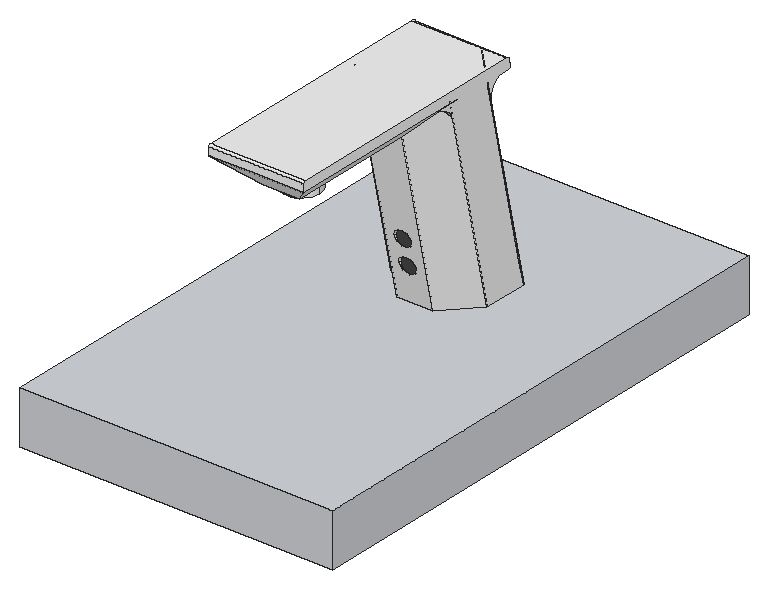
Revit family
Parameters (values of type "Chrome-Polished_Chrome-CP")
  Width = 0' - 2 7/16"
  WFU = 0
  URL = "http://www.us.kohler.com"
  Sensor Material = Sensor Glass
  Product Page URL = "http://www.us.kohler.com/onlinecatalog/detail.jsp?prod_num=7516"
  Product Documentation Link = "http://www.us.kohler.com/onlinecatalog/pdf/1126264_4.pdf"
  Model = "K-7516"  # constant formula
  Manufacturer = "Kohler"  # constant formula
  Length = 0' - 7 3/4"
  Installation = "Single-hole"  # constant formula
  Hot Water Radius = 3/16"
  Hot Water Diameter = Hot Water Radius * 2  # 3/8"
  Hot Water Connector = "Hot Water Connector"  # constant formula
  Height = 0' - 5 7/16"
  HWFU = 0
  HW Connection = yes
  Finish = Chrome-Kohler-CP-Polished Chrome
  Description = "GEOMETRIC TOUCHLESS™ DM FAUCET"  # constant formula
  Default Elevation = 0' - 0"
  Created By = "http://medialab3dstudio.com/"
  Cold Water Radius = 3/16"
  Cold Water Diameter = Cold Water Radius * 2  # 3/8"
  Cold Water Connector = "Cold Water Connector"  # constant formula
  CWFU = 0
  CW Connection = yes
  Assembly Code = "D2010"
Types (3): name | Finish
  (no name) | Chrome-Kohler-CP-Polished Chrome
  Chrome-Polished_Chrome-CP | Chrome-Kohler-CP-Polished Chrome
  Steel-Vibrant_Stainless-VS | Steel-Kohler-VS-Vibrant Stainless
Reference planes (in)
  plane 1 "Back": y = 0
  plane 2 "Bottom": z = 0
  plane 3 "Center (Left/Right)": x = 0
  plane 4 "Left": x = -1.21875
  plane 5 "Right": x = 1.21875
  plane 6 "Front": y = -7.75
  plane 7: z = 5.4375
  plane 8: y = -6.31997
  plane 9: x = 0
  plane 10: z = 4.43543
  plane 11: z = 5.18966
  plane 12: z = 4.43543
  plane 13: y = -2.86736
  plane 14: z = 5.18966
  plane 15: z = 4.63505
  plane 16: z = 5.15297
  plane 17: through (0, -1.20984, 5.39736) normal (0, -0.9757, -0.2193)
  plane 18: through (0, -1.94709, 5.39736) normal (0, -0.9757, -0.2193)
  plane 19: through (0, -3.1313, 5.39736) normal (0, -0.9757, -0.2193)
  plane 20: y = 0.14795
  plane 21: y = -2.69186
  plane 22: z = -0.75
  plane 23: through (0, -1.23293, 2.22557) normal (0, 0.9758, 0.2187)
  plane 24: y = -0.54791
  plane 25: y = -1.23293
  plane 26: through (0, -1.23293, 2.22557) normal (0, -0.9758, -0.2187)
  plane 27: y = -0.54791
  plane 28: y = -1.23293
  plane 29: y = -1.28314
  plane 30: y = -2.01863
  plane 31: y = -1.9184
  plane 32 "Center (Front/Back)": y = -3.85872
  plane 33: y = -3.62007
  plane 34: y = -2.95134
  plane 35: y = -1.77288
  plane 36: y = -1.33828
  plane 37: through (-1.22, -0.7342, 48) normal (-0.7239, 0.6899, 0)
  plane 38: through (1.22, -0.7342, 48) normal (-0.7239, -0.6899, 0)
  plane 39: through (-0.46452, -180, 4.43543) normal (-0.7071, 0, -0.7071)
  plane 40: through (0.46452, -180, 4.43543) normal (-0.7071, 0, 0.7071)
  plane 41: y = -1.3263
  plane 42: x = -0.13974
  plane 43: x = 0.13974
  plane 44: z = 4.43543
  plane 45: x = -0.46452
  plane 46: z = 5.18966
  plane 47: z = 2.0644
  plane 48: z = 4.27922
  plane 49: y = -5.8542
  plane 50: y = -6.78573
  plane 51: y = -0.57692
  plane 52: y = -0.57692
  plane 53: z = -0.78778
  plane 54: y = 0.22617
  plane 55: x = 0.32724
  plane 56: x = -0.32724
  plane 57: z = 0.23047
  plane 58: z = 5.21593
  plane 59: y = -1.16906
  plane 60: x = 0.46576
  plane 61: x = -0.46576
  plane 62: y = -6.94185
  plane 63: y = -6.32467
  plane 64: x = 1.71875
Forms (in)
  Extrusion 1, solid
    sketch origin (0, 0, 0) x (1, 0, 0) y (0, 1, 0)
      loop
        line (-4, 3) -> (-4, -10.31976) -> (3.99389, -10.31976) -> (3.99389, 3) -> (-4, 3)
    from 0 to -1.35077
  Extrusion 2, solid, material "Chrome-Kohler-CP-Polished Chrome" <- "Finish", detail levels fine
    sketch origin (0, 0, 0) x (0, 1, 0) y (0, 0, 1)
      loop
        line (-0.7342, 0) -> (-1.77288, 4.63505)
        arc (-1.77288, 4.63505) -> (-1.68365, 5.00148) -> (-1.33828, 5.15297) r 0.42536
        line (-1.33828, 5.15297) -> (-1.22005, 5.15297)
        arc (-1.22005, 5.15297) -> (-1.17954, 5.17229) -> (-1.16906, 5.21593) r 0.05212
        line (-1.16906, 5.21593) -> (-1.20984, 5.39736)
        arc (-1.20984, 5.39736) -> (-1.22785, 5.42621) -> (-1.25993, 5.4375) r 0.05141
        line (-1.25993, 5.4375) -> (-7.69863, 5.4375)
        arc (-7.69863, 5.4375) -> (-7.73495, 5.42245) -> (-7.75, 5.38613) r 0.05137
        line (-7.75, 5.38613) -> (-7.75, 5.18966) -> (-3.62007, 5.18966)
        arc (-3.62007, 5.18966) -> (-3.18567, 5.03297) -> (-2.95134, 4.63505) r 0.68046
        line (-2.95134, 4.63505) -> (-1.9184, 0) -> (-0.7342, 0)
    from -1.21875 to 1.21875
  Extrusion 3, solid, material "Chrome-Kohler-CP-Polished Chrome" <- "Finish", detail levels fine
    sketch origin (0, 0, 0.25897) x (1, 0, 0) y (0, 0, 1)
      loop
        line (-1.21875, 4.93069) -> (-0.46452, 4.17646) -> (0, 4.17646) -> (0.46452, 4.17646) -> (1.21875, 4.93069) -> (0, 4.93069) -> (-1.21875, 4.93069)
    from 2.86736 to 7.75
  Extrusion 4, void
    sketch origin (0, 0.74619, 0) x (0, 1, 0) y (0, 0, 1)
      loop
        line (-8.49619, 5.18966) -> (-8.49619, 4.43543) -> (-7.68804, 4.43543) -> (-8.49619, 5.18966)
    from -1.21875 to 1.21875
  Extrusion 5, solid, material "Chrome-Kohler-CP-Polished Chrome" <- "Finish", detail levels fine
    sketch origin (0, -6.09131, -3.8885) x (1, 0, 0) y (0, 0.975149, 0.221549)
      loop
        line (-1.21875, 4.93069) -> (-0.46576, 4.17646) -> (0.46576, 4.17646) -> (1.21875, 4.93069) -> (-1.21875, 4.93069)
    from 2.86736 to 8.30557
  Sweep 6, solid, material "Chrome-Kohler-CP-Polished Chrome" <- "Finish", detail levels fine
    path origin (0, 0, 0) x (0, 1, 0) y (0, 0, 1)
      loop
        line (-0.57692, -0.70182) -> (-1.89716, 5.18966)
    profile origin (0, -1.23704, 2.24392) x (0, -0.975799, -0.218669) y (1, 0, 0)
      loop
        line (0, -1.22) -> (0, 0) -> (-0.70201, 0) -> (-0.70201, -0.53442) -> (0, -1.22)
  Extrusion 7, void
    sketch origin (0, 0, 0) x (0, 1, 0) y (0, 0, 1)
      loop
        line (0.14795, 0) -> (-2.69186, 0) -> (-2.69186, -0.75) -> (0.14795, -0.75) -> (0.14795, 0)
    from -1.21875 to 1.21875
  Extrusion 8, solid, material "Chrome-Kohler-CP-Polished Chrome" <- "Finish", detail levels fine
    sketch origin (0, 0.44273, 0) x (1, 0, 0) y (0, 1, 0)
      loop
        arc (0, -6.29694) -> (-0.32935, -6.43336) -> (-0.46576, -6.7627) r 0.46576
        arc (-0.46576, -6.7627) -> (-0.32935, -7.09205) -> (0, -7.22847) r 0.46576
        arc (0, -7.22847) -> (0.32935, -7.09205) -> (0.46576, -6.7627) r 0.46576
        arc (0.46576, -6.7627) -> (0.32935, -6.43336) -> (0, -6.29694) r 0.46576
    from 4.27922 to 4.43543
  Extrusion 9, void
    sketch origin (0, 0.61402, 0) x (1, 0, 0) y (0, 1, 0)
      loop
        arc (0, -6.57489) -> (-0.25725, -6.68144) -> (-0.3638, -6.93869) r 0.3638
        arc (-0.3638, -6.93869) -> (-0.25725, -7.19594) -> (0, -7.30249) r 0.3638
        arc (0, -7.30249) -> (0.25725, -7.19594) -> (0.3638, -6.93869) r 0.3638
        arc (0.3638, -6.93869) -> (0.25725, -6.68144) -> (0, -6.57489) r 0.3638
    from 4.27922 to 4.43543
  Sweep 10, solid, material "Chrome-Kohler-CP-Polished Chrome" <- "Finish", detail levels fine
    path origin (0, 0, 0) x (0, 1, 0) y (0, 0, -1)
      loop
        line (-0.57692, 0.70182) -> (-1.89716, -5.18966)
    profile origin (0, -1.23704, 2.24392) x (0, 0.975799, 0.218669) y (-1, 0, 0)
      loop
        line (0, -1.22) -> (0.70201, -0.53442) -> (0.70201, 0) -> (0, 0) -> (0, -1.22)
  Extrusion 11, void
    sketch origin (0, 0, 0) x (0, 1, 0) y (0, 0, 1)
      loop
        line (0.22617, 0) -> (-1.9184, 0) -> (-1.9184, -0.78778) -> (0.22617, -0.78778) -> (0.22617, 0)
    from -1.21875 to 1.21875
  Extrusion 12, void
    sketch origin (0, 0, 0) x (1, 0, 0) y (0, 1, 0)
      loop
        arc (0.13974, -1.3263) -> (0.19466, -1.45888) -> (0.32724, -1.5138) r 0.1875
        arc (0.32724, -1.5138) -> (0.45982, -1.45888) -> (0.51474, -1.3263) r 0.1875
        arc (0.51474, -1.3263) -> (0.45982, -1.19372) -> (0.32724, -1.1388) r 0.1875
        arc (0.32724, -1.1388) -> (0.19466, -1.19372) -> (0.13974, -1.3263) r 0.1875
      loop
        arc (-0.51474, -1.3263) -> (-0.45982, -1.45888) -> (-0.32724, -1.5138) r 0.1875
        arc (-0.32724, -1.5138) -> (-0.19466, -1.45888) -> (-0.13974, -1.3263) r 0.1875
        arc (-0.13974, -1.3263) -> (-0.19466, -1.19372) -> (-0.32724, -1.1388) r 0.1875
        arc (-0.32724, -1.1388) -> (-0.45982, -1.19372) -> (-0.51474, -1.3263) r 0.1875
    from 0 to 0.23047
  Extrusion 13, void
    sketch origin (2.35546, 0, -0.08746) x (1, 0, 0) y (0, 0, 1)
      loop
        circle (-2.35546, 1.05621) r 0.21875
    from 2.6121 to 3.18249
  Extrusion 14, void
    sketch origin (2.35546, 0, 0.60004) x (1, 0, 0) y (0, 0, 1)
      loop
        circle (-2.35546, 1.05621) r 0.21875
    from 2.76792 to 3.27513
  Extrusion 15, solid, material "Sensor Glass" <- "Sensor Material", detail levels fine
    sketch origin (2.35546, 0, -0.52093) x (1, 0, 0) y (0, 0, 1)
      loop
        circle (-2.35546, 1.48968) r 0.21875
    from 2.6121 to 2.86197
  Extrusion 16, solid, material "Sensor Glass" <- "Sensor Material", detail levels fine
    sketch origin (2.35546, 0, 0.16657) x (1, 0, 0) y (0, 0, 1)
      loop
        circle (-2.35546, 1.48968) r 0.21875
    from 2.76792 to 3.0178
  Extrusion 17, solid, material "Chrome-Kohler-CP-Polished Chrome" <- "Finish", detail levels coarse+medium
    sketch origin (0, 0, 0) x (1, 0, 0) y (0, 1, 0)
      loop
        line (-1.21875, 0) -> (-1.21875, -7.75) -> (1.21875, -7.75) -> (1.21875, 0) -> (-1.21875, 0)
    from 0 to 5.4375
Cuts and joins
  Extrusion 4 cuts Extrusion 3
  Extrusion 9 cuts Extrusion 8
  Extrusion 7, Extrusion 12 cuts Extrusion 2
  Extrusion 11 cuts Sweep 6
  Extrusion 11 cuts Sweep 10
  joined: Sweep 6, Sweep 10
  Extrusion 7, Extrusion 13, Extrusion 14 cuts Extrusion 5
Lines and regions (in)
  Masking region 1, detail levels coarse
    outline origin (0, 0, 0) x (1, 0, 0) y (0, 0, 1)
      loop
        line (-1.21875, 5.4375) -> (-1.21875, 0) -> (1.21875, 0) -> (1.21875, 5.4375) -> (-1.21875, 5.4375)
  Masking region 2, detail levels medium+fine
    outline origin (0, -3.85872, 0) x (1, 0, 0) y (0, 0, 1)
      loop
        line (-1.21875, 5.4375) -> (-1.21875, 0) -> (1.21875, 0) -> (1.21875, 5.4375) -> (-1.21875, 5.4375)
  Masking region 3, detail levels coarse
    outline origin (0, 0, 0) x (1, 0, 0) y (0, 1, 0)
      loop
        line (-1.21875, 0) -> (-1.21875, -7.75) -> (1.21875, -7.75) -> (1.21875, 0) -> (-1.21875, 0)
  Masking region 4, detail levels medium+fine
    outline origin (0, 0, 0) x (1, 0, 0) y (0, 1, 0)
      loop
        line (-0.52034, 0) -> (-1.21875, -0.73289) -> (-1.21875, -7.75) -> (1.21875, -7.75) -> (1.21875, -0.73289) -> (0.52034, 0) -> (-0.52034, 0)
  Masking region 5, detail levels coarse
    outline origin (0, 0, 0) x (0, 1, 0) y (0, 0, 1)
      loop
        line (0, 5.4375) -> (-7.75, 5.4375) -> (-7.75, 0) -> (0, 0) -> (0, 5.4375)
  Masking region 6, detail levels medium+fine
    outline origin (0, 0, 0) x (0, 1, 0) y (0, 0, 1)
      loop
        line (-0.01477, 0) -> (-1.17523, 5.17848)
        arc (-1.17523, 5.17848) -> (-1.16862, 5.19662) -> (-1.16906, 5.21593) r 0.05212
        line (-1.16906, 5.21593) -> (-1.20984, 5.39736)
        arc (-1.20984, 5.39736) -> (-1.22785, 5.42621) -> (-1.25993, 5.4375) r 0.05141
        line (-1.25993, 5.4375) -> (-7.69863, 5.4375)
        arc (-7.69863, 5.4375) -> (-7.73495, 5.42245) -> (-7.75, 5.38613) r 0.05137
        line (-7.75, 5.38613) -> (-7.75, 5.1882) -> (-6.94185, 4.43543) -> (-6.78573, 4.43543) -> (-6.78573, 4.27922) -> (-5.85501, 4.27922) -> (-5.85501, 4.43543) -> (-3.69956, 4.43543) -> (-2.69186, 0) -> (-0.01477, 0)
  symbolic lines, style "Masking Lines", detail levels medium+fine
    curve 1: line (-1.21875, -7.75, 5.18966) -> (-0.46452, -7.75, 4.43543)
    curve 2: line (-0.46452, -7.75, 4.43543) -> (0.46701, -7.75, 4.43543)
    curve 3: line (0.46701, -7.75, 4.43543) -> (1.22, -7.75, 5.18966)
    curve 4: line (1.22, -7.75, 5.18966) -> (-1.21875, -7.75, 5.18966)
    curve 18: line (1.21875, 0, 5.18966) -> (-1.21875, 0, 5.18966)
  symbolic lines, style "Masking Lines", detail levels fine
    curve 5: line (-0.36255, -7.75, 4.43543) -> (-0.36255, -7.75, 4.27922)
    curve 6: line (-0.36255, -7.75, 4.27922) -> (0.36505, -7.75, 4.27922)
    curve 7: line (0.36505, -7.75, 4.27922) -> (0.36505, -7.75, 4.43543)
    curve 8: line (-0.46452, -7.75, 4.43543) -> (-0.46452, -7.75, 0)
    curve 9: line (0.46701, -7.75, 0) -> (0.46701, -7.75, 4.43543)
    curve 10: arc (0, -1.21847, 5.15297) -> (0, -1.19269, 5.1598) -> (0, -1.17366, 5.17848) r 0.05212
    curve 11: line (0, -1.33671, 5.15297) -> (0, -1.21847, 5.15297)
    curve 12: arc (0, -1.7713, 4.63505) -> (0, -1.68208, 5.00148) -> (0, -1.33671, 5.15297) r 0.42536
    curve 13: line (0, -0.73263, 0) -> (0, -1.7713, 4.63505)
    curve 14: line (0, -2.94137, 4.57192) -> (0, -1.91683, 0)
    curve 15: arc (0, -3.61849, 5.18966) -> (0, -3.16021, 5.01202) -> (0, -2.94137, 4.57192) r 0.67998
    curve 16: line (0, -3.61849, 5.18966) -> (0, -7.75, 5.18966)
    curve 17: line (0, -5.8542, 4.43543) -> (0, -6.78573, 4.43543)
    curve 19: line (0.53442, -1.16906, 0) -> (1.21875, -1.16906, 0)
    curve 20: line (-0.53442, -0.01477, 0) -> (-0.53442, -1.16906, 0)
    curve 21: line (0.53442, -1.16906, 0) -> (0.53442, -0.01477, 0)
    curve 22: line (-0.53442, -1.16906, 0) -> (0.53442, -1.16906, 0)
    curve 23: line (-1.21875, -1.16906, 0) -> (-0.53442, -1.16906, 0)
    curve 24: arc (0.21875, -7.75, 1.65625) -> (0, -7.75, 1.875) -> (-0.21875, -7.75, 1.65625) r 0.21875
    curve 25: arc (-0.21875, -7.75, 1.65625) -> (0, -7.75, 1.4375) -> (0.21875, -7.75, 1.65625) r 0.21875
    curve 26: arc (0.21875, -7.75, 0.96875) -> (0, -7.75, 1.1875) -> (-0.21875, -7.75, 0.96875) r 0.21875
    curve 27: arc (-0.21875, -7.75, 0.96875) -> (0, -7.75, 0.75) -> (0.21875, -7.75, 0.96875) r 0.21875
Dimensions and locks (in)
  equal spacing: plane 4 "Left", plane 3 "Center (Left/Right)", plane 5 "Right"
  "Height": plane 7 to plane 2 "Bottom"
  locked: plane 8 to plane 6 "Front" at 1.43003
  locked: plane 1 "Back" to plane 13 at 2.86736
  locked: plane 18 to plane 17 at 0.71931
  locked: plane 19 to plane 18 at 1.15539
  locked: plane 7 to plane 16 at 0.28453
  locked: plane 16 to plane 14 at 0.03669
  locked: plane 15 to plane 16 at 0.51793
  locked: plane 13 to plane 30 at 0.84873
  locked: plane 29 to plane 1 "Back" at 1.28314
  plane 13 to plane 31 = 0' - 0.94896"
  plane 32 "Center (Front/Back)" to plane 13 = 0' - 0.99136"
  locked: plane 33 to plane 32 "Center (Front/Back)" at 0.23866
  locked: plane 34 to plane 33 at 0.66873
  locked: plane 35 to plane 31 at 0.14553
  locked: plane 36 to plane 35 at 0.43459
  "Length": plane 1 "Back" to plane 6 "Front"
  locked: plane 41 to plane 1 "Back" at 1.3263
  plane 42 to plane 3 "Center (Left/Right)" = 0' - 0.13974"
  plane 3 "Center (Left/Right)" to plane 43 = 0' - 0.13974"
  level to Masking region 2 = 0' - 5 7/16"
  locked: plane 47 to plane 2 "Bottom" at 2.0644
  locked: plane 48 to plane 2 "Bottom" at 4.27922
  plane 50 to plane 6 "Front" = 0' - 0.96427"
  locked: plane 49 to plane 6 "Front" at 1.8958
  locked: plane 1 "Back" to plane 51 at 0.57692
  locked: plane 1 "Back" to plane 52 at 0.57692
  locked: plane 54 to plane 1 "Back" at 0.22617
  locked: plane 2 "Bottom" to plane 53 at 0.78778
  plane 4 "Left" to plane 61 to plane 60 = 0' - 0.75299" locked, 0' - 0.93153" locked
  locked: plane 62 to plane 6 "Front" at 0.80815
  equal spacing: plane 5 "Right", plane 3 "Center (Left/Right)", plane 4 "Left"
  "Width": plane 4 "Left" to plane 5 "Right"
  "Cold Water Radius": radius of Extrusion 12 sketch curve
  "Hot Water Radius": radius of Extrusion 12 sketch curve
  locked: plane 23 to plane 1 "Back" (angle 12.6309°)
  locked: plane 37 to plane 4 "Left" (angle 43.6201°)
  locked: plane 5 "Right" to plane 38 (angle 43.6201°)
  aligned and locked: plane 2 "Bottom" to Extrusion 1
  aligned and locked: level to Extrusion 1
  aligned and locked: Extrusion 2 to plane 4 "Left"
  aligned and locked: Extrusion 2 to plane 5 "Right"
  aligned and locked: Extrusion 7 to plane 4 "Left"
  aligned and locked: Extrusion 7 to plane 5 "Right"
  aligned and locked: Masking region 1 sketch curve to plane 7
  aligned and locked: plane 2 "Bottom" to Masking region 1 sketch curve
  aligned and locked: plane 4 "Left" to Masking region 1 sketch curve
  aligned and locked: plane 1 "Back" to Masking region 3 sketch curve
  aligned and locked: plane 6 "Front" to Masking region 3 sketch curve
  aligned and locked: plane 4 "Left" to Masking region 3 sketch curve
  aligned and locked: Masking region 5 sketch curve to plane 7
  aligned and locked: plane 6 "Front" to Masking region 5 sketch curve
  aligned and locked: plane 2 "Bottom" to Masking region 5 sketch curve
  aligned and locked: plane 1 "Back" to Masking region 5 sketch curve
  aligned and locked: plane 3 "Center (Left/Right)" to plane 9
  aligned and locked: plane 9 to Extrusion 8 sketch curve  (x2)
  aligned and locked: plane 8 to Extrusion 8 sketch curve  (x2)
  aligned and locked: Extrusion 4 sketch curve to plane 10
  aligned and locked: Extrusion 4 to plane 5 "Right"
  aligned and locked: Extrusion 4 to plane 4 "Left"
  aligned and locked: Extrusion 2 sketch curve to plane 7
  aligned and locked: plane 7 to Extrusion 2 sketch curve
  aligned and locked: plane 2 "Bottom" to Extrusion 2 sketch curve
  aligned and locked: Extrusion 2 sketch curve to plane 14
  aligned and locked: plane 14 to Extrusion 2 sketch curve
  aligned and locked: Extrusion 2 sketch curve to plane 16
  aligned and locked: Extrusion 7 sketch curve to level
  aligned and locked: plane 21 to Extrusion 7 sketch curve
  aligned and locked: Extrusion 7 sketch curve to plane 22
  aligned and locked: Extrusion 7 sketch curve to plane 20
  aligned and locked: Sweep 6 sketch curve to plane 23
  aligned: plane 24 to Sweep 6 sketch curve
  aligned: plane 25 to Sweep 6 sketch curve
  aligned: Sweep 6 sketch curve to plane 3 "Center (Left/Right)"
  aligned and locked: Sweep 10 sketch curve to plane 26
  aligned and locked: plane 29 to Extrusion 5 sketch curve  (x3)
  aligned and locked: plane 30 to Extrusion 5 sketch curve  (x3)
  aligned and locked: plane 15 to Extrusion 2 sketch curve  (x2)
  aligned and locked: plane 16 to Extrusion 2 sketch curve
  aligned and locked: plane 17 to Extrusion 2 sketch curve  (x2)
  aligned and locked: plane 6 "Front" to Extrusion 2 sketch curve
  aligned and locked: plane 33 to Extrusion 2 sketch curve
  aligned and locked: plane 34 to Extrusion 2 sketch curve
  aligned and locked: plane 35 to Extrusion 2 sketch curve
  aligned and locked: plane 36 to Extrusion 2 sketch curve
  aligned and locked: plane 5 "Right" to Masking region 2 sketch curve
  aligned and locked: Masking region 2 sketch curve to plane 7
  aligned and locked: Masking region 2 sketch curve to plane 4 "Left"
  aligned and locked: level to Masking region 2 sketch curve
  aligned and locked: plane 5 "Right" to Masking region 1 sketch curve
  aligned and locked: plane 5 "Right" to Masking region 3 sketch curve
  aligned and locked: plane 5 "Right" to Masking region 4 sketch curve
  aligned and locked: plane 6 "Front" to Masking region 4 sketch curve
  aligned and locked: plane 4 "Left" to Masking region 4 sketch curve
  aligned and locked: Masking region 4 sketch curve to plane 1 "Back"
  aligned and locked: plane 37 to Masking region 4 sketch curve
  aligned and locked: plane 38 to Masking region 4 sketch curve
  aligned and locked: plane 11 to Extrusion 3 sketch curve  (x2)
  aligned and locked: Extrusion 3 sketch curve to plane 39
  aligned and locked: plane 40 to Extrusion 3 sketch curve
  aligned and locked: curve 4 to curve 18
  aligned and locked: cut or joined group of Extrusion 3, Extrusion 4 to plane 44
  aligned and locked: plane 45 to curve 8
  aligned and locked: curve 2 to plane 44
  aligned and locked: plane 5 "Right" to curve 18
  aligned and locked: plane 4 "Left" to curve 18
  aligned and locked: curve 16 to plane 46
  aligned and locked: plane 6 "Front" to curve 16
  aligned and locked: cut or joined group of Extrusion 3, Extrusion 4 to plane 13
  aligned and locked: cut or joined group of Extrusion 3, Extrusion 4 to plane 6 "Front"
  aligned and locked: Extrusion 9 to plane 48
  aligned and locked: plane 44 to Extrusion 9
  aligned and locked: curve 17 to plane 44
  aligned and locked: plane 49 to curve 17
  aligned and locked: plane 50 to curve 17
  aligned and locked: plane 46 to Sweep 6 sketch curve
  aligned and locked: plane 51 to Sweep 6 sketch curve
  aligned and locked: plane 46 to Sweep 10 sketch curve
  aligned and locked: plane 52 to Sweep 10 sketch curve
  aligned and locked: plane 31 to Extrusion 11 sketch curve
  aligned and locked: Extrusion 11 sketch curve to plane 53
  aligned and locked: Extrusion 11 sketch curve to plane 54
  aligned and locked: Extrusion 11 to plane 4 "Left"
  aligned and locked: Extrusion 11 to plane 5 "Right"
  aligned and locked: plane 41 to Extrusion 12 sketch curve  (x4)
  aligned and locked: plane 55 to Extrusion 12 sketch curve  (x2)
  aligned and locked: plane 56 to Extrusion 12 sketch curve  (x2)
  aligned and locked: plane 57 to Extrusion 12
  aligned and locked: plane 58 to Extrusion 2 sketch curve
  aligned and locked: plane 59 to Masking region 6
  aligned and locked: plane 3 "Center (Left/Right)" to Sweep 6
  aligned and locked: plane 4 "Left" to Extrusion 5 sketch curve
  aligned and locked: plane 5 "Right" to Extrusion 5 sketch curve
  aligned and locked: plane 61 to Extrusion 5 sketch curve
  aligned and locked: plane 60 to Extrusion 5 sketch curve
  aligned and locked: plane 3 "Center (Left/Right)" to Extrusion 3 sketch curve  (x2)
  aligned and locked: Extrusion 3 sketch curve to plane 12
  aligned and locked: plane 10 to Extrusion 4 sketch curve
  aligned and locked: plane 62 to Extrusion 4 sketch curve
  aligned and locked: plane 6 "Front" to Extrusion 4 sketch curve
  aligned and locked: plane 46 to Extrusion 4 sketch curve
  aligned and locked: plane 3 "Center (Left/Right)" to Extrusion 9 sketch curve  (x2)
  aligned and locked: plane 63 to Extrusion 9 sketch curve  (x2)
  aligned and locked: plane 44 to cut or joined group of Extrusion 8, Extrusion 9
  aligned and locked: cut or joined group of Extrusion 8, Extrusion 9 to plane 48
  aligned and locked: plane 2 "Bottom" to Extrusion 11
Automatic sketch dimensions
  Sweep 6 sketch curve to plane 3 "Center (Left/Right)" = 0' - 0"
  Sweep 6 sketch curve to profile plane = 0' - 0"
  profile plane to Sweep 6 sketch curve = 0' - 0.70201"
  Sweep 6 sketch curve to plane 3 "Center (Left/Right)" = 0' - 0.53442"
  Sweep 6 sketch curve to Sweep 6 sketch curve = 0' - 0.68558"
  Extrusion 5 sketch curve to plane 4 "Left" = 0' - 0"
  Extrusion 5 sketch curve to plane 5 "Right" = 0' - 0"
  Extrusion 5 sketch curve to plane 3 "Center (Left/Right)" = 0' - 0.46576"
  plane 3 "Center (Left/Right)" to Extrusion 5 sketch curve = 0' - 0.46576"
  Extrusion 5 sketch curve to Extrusion 5 sketch curve = 0' - 0.75423"
  curve 23 to plane 4 "Left" = 0' - 0"
  curve 19 to plane 5 "Right" = 0' - 0"
  plane 1 "Back" to curve 20 = 0' - 0.01477"
  plane 45 to curve 20 = 0' - 0.0699"
  plane 1 "Back" to curve 21 = 0' - 0.01477"
  curve 21 to plane 43 = 0' - 0.39468"
  curve 22 to plane 41 = 0' - 0.15724"
  curve 16 to plane 6 "Front" = 0' - 0"
  curve 16 to plane 46 = 0' - 0"
  curve 14 to level = 0' - 0"
  curve 13 to level = 0' - 0"
  curve 16 to plane 32 "Center (Front/Back)" = 0' - 0.24023"
  plane 13 to curve 15 = 0' - 0.074"
  curve 14 to plane 31 = 0' - 0.00157"
  curve 13 to plane 31 = 0' - 0.1471"
  plane 41 to curve 12 = 0' - 0.02994"
  plane 41 to curve 12 = 0' - 0.01041"
  curve 11 to plane 46 = 0' - 0.03669"
  curve 11 to plane 41 = 0' - 0.10783"
  curve 10 to plane 46 = 0' - 0.01118"
  curve 10 to curve 10 = 0' - 0.04482"
  curve 13 to plane 41 = 0' - 0.59368"
  curve 15 to curve 15 = 0' - 0.67998"
  plane 44 to curve 13 = 0' - 0.19962"
  Extrusion 1 sketch curve to Extrusion 1 sketch curve = 0' - 7.99389"
  Extrusion 1 sketch curve to Extrusion 1 sketch curve = 1' - 1.31976"
  plane 19 to Extrusion 2 sketch curve = 0' - 0"
  plane 18 to Extrusion 2 sketch curve = 0' - 0"
  plane 6 "Front" to Extrusion 2 sketch curve = 0' - 0.05137"
  Extrusion 2 sketch curve to plane 36 = 0' - 0 5/256"
  Extrusion 2 sketch curve to plane 7 = 0' - 0.05141"
  Extrusion 2 sketch curve to Extrusion 2 sketch curve = 0' - 0.09093"
  plane 58 to Extrusion 2 sketch curve = 0' - 0.01084"
  Extrusion 2 sketch curve to plane 7 = 0' - 0.04014"
  plane 50 to Extrusion 8 sketch curve = 0' - 0"
  Extrusion 9 sketch curve to plane 45 = 0' - 0.10071"
  Masking region 6 sketch curve to plane 6 "Front" = 0' - 0"
  Masking region 6 sketch curve to plane 7 = 0' - 0"
  Masking region 6 sketch curve to plane 44 = 0' - 0"  (x2)
  Masking region 6 sketch curve to plane 50 = 0' - 0"
  Masking region 6 sketch curve to plane 48 = 0' - 0"
  Masking region 6 sketch curve to level = 0' - 0"
  plane 6 "Front" to Masking region 6 sketch curve = 0' - 0.05137"
  plane 50 to Masking region 6 sketch curve = 0' - 0.15612"
  plane 49 to Masking region 6 sketch curve = 0' - 0.00081"
  Masking region 6 sketch curve to plane 32 "Center (Front/Back)" = 0' - 0.15916"
  Masking region 6 sketch curve to plane 13 = 0' - 0.1755"
  Masking region 6 sketch curve to plane 41 = 0' - 0.06631"
  Masking region 6 sketch curve to Masking region 6 sketch curve = 0' - 0.00007"
  plane 46 to Masking region 6 sketch curve = 0' - 0.01543"
  Masking region 6 sketch curve to plane 41 = 0' - 0.10625"
  Masking region 6 sketch curve to plane 7 = 0' - 0.04014"
  Masking region 6 sketch curve to Masking region 6 sketch curve = 0' - 0.05016"
  Masking region 6 sketch curve to plane 46 = 0' - 0.01118"
  Masking region 6 sketch curve to Masking region 6 sketch curve = 0' - 0.04482"
  plane 46 to Masking region 6 sketch curve = 0' - 0.02627"
  plane 1 "Back" to Masking region 6 sketch curve = 0' - 0.01477"
  Masking region 6 sketch curve to plane 46 = 0' - 0.00146"
  profile plane to Sweep 10 sketch curve = 0' - 0"
  Sweep 10 sketch curve to profile plane = 0' - 0"
  Sweep 10 sketch curve to profile plane = 0' - 0.70201"
  Sweep 10 sketch curve to profile plane = 0' - 0.53442"
  Sweep 10 sketch curve to Sweep 10 sketch curve = 0' - 0.68558"
  curve 3 to plane 46 = 0' - 0"
  curve 2 to plane 44 = 0' - 0"
  curve 9 to level = 0' - 0"
  curve 7 to plane 48 = 0' - 0"
  plane 45 to curve 2 = 0' - 0"
  curve 1 to plane 4 "Left" = 0' - 0"
  curve 8 to level = 0' - 0"
  curve 5 to plane 45 = 0' - 0.10196"
  curve 7 to plane 43 = 0' - 0.22531"
  curve 9 to plane 43 = 0' - 0.32727"
  curve 4 to plane 5 "Right" = 0' - 0.00125"
  Extrusion 11 sketch curve to level = 0' - 0"
  Extrusion 13 sketch curve to plane 3 "Center (Left/Right)" = 0' - 0"
  Extrusion 14 sketch curve to plane 3 "Center (Left/Right)" = 0' - 0"
  Extrusion 15 sketch curve to plane 3 "Center (Left/Right)" = 0' - 0"
  Extrusion 16 sketch curve to plane 3 "Center (Left/Right)" = 0' - 0"
  Extrusion 14 sketch curve to plane 47 = 0' - 0.40815"
  Extrusion 16 sketch curve to plane 47 = 0' - 0.40815"
  plane 57 to Extrusion 13 sketch curve = 0' - 0 189/256"
  plane 57 to Extrusion 15 sketch curve = 0' - 0 189/256"
  curve 24 to plane 3 "Center (Left/Right)" = 0' - 0"
  curve 25 to plane 43 = 0' - 0.07901"
  curve 24 to plane 47 = 0' - 0.40815"
  curve 27 to plane 3 "Center (Left/Right)" = 0' - 0"
  curve 27 to plane 43 = 0' - 0.07901"
  curve 26 to curve 25 = 0' - 0 11/16"
  Extrusion 17 sketch curve to plane 4 "Left" = 0' - 0"
  Extrusion 17 sketch curve to plane 6 "Front" = 0' - 0"
  plane 64 to Extrusion 17 sketch curve = 0' - 0 1/2"
  plane 1 "Back" to Extrusion 17 sketch curve = 0' - 0"
  radius of Extrusion 13 sketch curve = 0' - 0 7/32"
  radius of Extrusion 14 sketch curve = 0' - 0 7/32"
  radius of Extrusion 15 sketch curve = 0' - 0 7/32"
  radius of Extrusion 16 sketch curve = 0' - 0 7/32"
Connectors (in)
  piping at (0.32724, -1.3263, 0), driven by "CW Connection", driven by "Cold Water Connector", driven by "CWFU", driven by "Cold Water Radius"
    settings: on cut or joined group of Extrusion 2, Extrusion 7, Extrusion 12, index 1, connector radius 3/16", flow factor 0, pipe flow 0.0 GPM, pressure drop 0.00 psi, fitting loss kfactor 0, connector angle 0.00°, fixture units 0, flow configuration 3, flow direction 1, fitting loss method 0, system type 20, connector reference index -1, connector utility 1, adjustable connector no, is connector primary yes, fitting loss table "", connector description "Cold Water Connector"
  piping at (-0.32724, -1.3263, 0), driven by "HW Connection", driven by "Hot Water Connector", driven by "HWFU", driven by "Hot Water Radius"
    settings: on cut or joined group of Extrusion 2, Extrusion 7, Extrusion 12, index 2, connector radius 3/16", flow factor 0, pipe flow 0.0 GPM, pressure drop 0.00 psi, fitting loss kfactor 0, connector angle 0.00°, fixture units 0, flow configuration 3, flow direction 1, fitting loss method 0, system type 19, connector reference index -1, connector utility 1, adjustable connector no, is connector primary no, fitting loss table "", connector description "Hot Water Connector"
